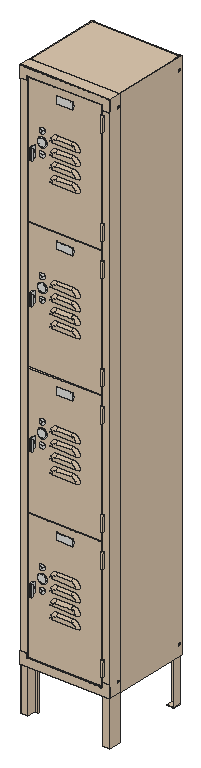
Revit family "Metal_Lockers-Salsbury_Industries-64000_Series-1_Wide_Units", category Specialty Equipment, Revit 2016 (continued)
Definition of nested family "Metal Locker Doors-12 inch with Latch Hasps"
  Forms (in)
    Blend 7, solid, material <- "Primary Structure Material", visible <- "Visible"
      top sketch origin (0.875, -0.6375, 1.527) x (1, 0, 0) y (0, 0, 1)
        loop
          line (0.12992, 8.1555) -> (-1.87992, 8.1555)
          arc (-1.87992, 8.1555) -> (-2.27766, 7.99075) -> (-2.44242, 7.593) r 0.5625
      from 0 to 0
    Blend 8, solid, material <- "Primary Structure Material", visible <- "Visible"
      base sketch origin (0.875, -0.45, 2.971) x (1, 0, 0) y (0, 0, 1)
        loop
          line (-2.875, 4.524) -> (1.125, 4.524)
          arc (1.125, 4.524) -> (0.83211, 5.23111) -> (0.125, 5.524) r 1
          line (0.125, 5.524) -> (-1.875, 5.524)
          arc (-1.875, 5.524) -> (-2.58211, 5.23111) -> (-2.875, 4.524) r 1
      top sketch origin (0.875, -0.6375, 2.971) x (1, 0, 0) y (0, 0, 1)
        loop
          line (-2.43346, 4.524) -> (0.68346, 4.524)
          arc (0.68346, 4.524) -> (0.52224, 4.91321) -> (0.13303, 5.07443) r 0.55043
          line (0.13303, 5.07443) -> (-1.88303, 5.07443)
          arc (-1.88303, 5.07443) -> (-2.27224, 4.91321) -> (-2.43346, 4.524) r 0.55043
      from 0 to 0
    Blend 9, solid, material <- "Primary Structure Material", visible <- "Visible"
      base sketch origin (0.875, -0.45, -1.723) x (1, 0, 0) y (0, 0, 1)
        loop
          line (-2.875, 7.593) -> (1.125, 7.593)
          arc (1.125, 7.593) -> (0.83211, 8.30011) -> (0.125, 8.593) r 1
          line (0.125, 8.593) -> (-1.875, 8.593)
          arc (-1.875, 8.593) -> (-2.58211, 8.30011) -> (-2.875, 7.593) r 1
      top sketch origin (0.875, -0.6375, -1.723) x (1, 0, 0) y (0, 0, 1)
        loop
          line (-2.44242, 7.593) -> (0.68342, 7.593)
          arc (0.68342, 7.593) -> (0.5213, 7.98438) -> (0.12992, 8.1465) r 0.5535
          line (0.12992, 8.1465) -> (-1.88892, 8.1465)
          arc (-1.88892, 8.1465) -> (-2.2803, 7.98438) -> (-2.44242, 7.593) r 0.5535
      from 0 to 0
    Blend 10, solid, material <- "Primary Structure Material", visible <- "Visible"
      base sketch origin (0.875, -0.45, -0.279) x (1, 0, 0) y (0, 0, 1)
        loop
          line (-2.875, 4.524) -> (1.125, 4.524)
          arc (1.125, 4.524) -> (0.83211, 5.23111) -> (0.125, 5.524) r 1
          line (0.125, 5.524) -> (-1.875, 5.524)
          arc (-1.875, 5.524) -> (-2.58211, 5.23111) -> (-2.875, 4.524) r 1
      top sketch origin (0.875, -0.6375, -0.279) x (1, 0, 0) y (0, 0, 1)
        loop
          line (-2.43234, 4.524) -> (0.68234, 4.524)
          arc (0.68234, 4.524) -> (0.52129, 4.9128) -> (0.13249, 5.07385) r 0.54985
          line (0.13249, 5.07385) -> (-1.88249, 5.07385)
          arc (-1.88249, 5.07385) -> (-2.27129, 4.9128) -> (-2.43234, 4.524) r 0.54985
      from 0 to 0
    Blend 11, solid, material <- "Hasp Plate Rivet Material", visible <- "Visible", detail levels medium+fine
      base sketch origin (0, -0.45, 0) x (1, 0, 0) y (0, 0, 1)
        loop
          circle (-3.076, 7.18) r 0.375
      top sketch origin (0, -0.45, 0) x (1, 0, 0) y (0, 0, 1)
        loop
          circle (-3.076, 7.18) r 0.09706
      from 0 to 0.03497
    Blend 12, solid, material <- "Hasp Plate Rivet Material", visible <- "Visible", detail levels medium+fine
      base sketch origin (0, -0.45, 2.83682) x (1, 0, 0) y (0, 0, 1)
        loop
          circle (-3.076, 7.18) r 0.375
      top sketch origin (0, -0.45, 2.83682) x (1, 0, 0) y (0, 0, 1)
        loop
          circle (-3.076, 7.18) r 0.09706
      from 0 to 0.03497
    Blend 13, solid, material <- "Hasp Plate Rivet Material", visible <- "Visible", detail levels medium+fine
      base sketch origin (0, -0.45, -0.16841) x (1, 0, 0) y (0, 0, 1)
        loop
          circle (-3.076, 8.76682) r 0.625
      top sketch origin (0, -0.45, -0.16841) x (1, 0, 0) y (0, 0, 1)
        loop
          circle (-3.076, 8.76682) r 0.58088
      from 0 to 0.03497
    Extrusion 14, solid, material <- "Hasp Plate Rivet Material", visible <- "Visible"
      sketch origin (0, 0, 6.461) x (0, -1, 0) y (1, 0, 0)
        loop
          line (-0.45, -4.07527) -> (-0.45, -4.13777) -> (1.2, -4.13777)
          arc (1.2, -4.13777) -> (1.24419, -4.11946) -> (1.2625, -4.07527) r 0.0625
          line (1.2625, -4.07527) -> (1.2625, -3.76277) -> (1.20579, -3.76277) -> (1.20579, -4.0127)
          arc (1.20579, -4.0127) -> (1.18746, -4.05694) -> (1.14322, -4.07527) r 0.06257
          line (1.14322, -4.07527) -> (-0.45, -4.07527)
      from 0 to 1.438
    Extrusion 15, solid, material <- "Hasp Plate Rivet Material", visible <- "Visible"
      sketch origin (0, 0, 6.461) x (0, -1, 0) y (1, 0, 0)
        loop
          line (-0.45, -4.20027) -> (1.2625, -4.20027) -> (1.2625, -4.13777) -> (-0.45, -4.13777) -> (-0.45, -4.20027)
      from 0 to 1.438
    Extrusion 16, void
      sketch origin (-4.013, 0, 0) x (0, 0, -1) y (0, -1, 0)
        loop
          circle (-7.18, 0.82219) r 0.375
      from 0 to 0.25
  Cuts and joins
    Extrusion 3, Extrusion 6 cuts Extrusion 1
    Extrusion 16 cuts Extrusion 14
    Extrusion 16 cuts Extrusion 15
  Lines and regions (in)
    symbolic lines
      curve 1: arc (-2, -0.45, 9.12) -> (-1.70711, -0.45, 9.82711) -> (-1, -0.45, 10.12) r 1
      curve 2: arc (2, -0.45, 9.12) -> (1.70711, -0.45, 9.82711) -> (1, -0.45, 10.12) r 1
      curve 3: arc (2, -0.45, 7.495) -> (1.70711, -0.45, 8.20211) -> (1, -0.45, 8.495) r 1
      curve 4: arc (-2, -0.45, 7.495) -> (-1.70711, -0.45, 8.20211) -> (-1, -0.45, 8.495) r 1
      curve 5: arc (2, -0.45, 5.87) -> (1.70711, -0.45, 6.57711) -> (1, -0.45, 6.87) r 1
      curve 6: arc (-2, -0.45, 5.87) -> (-1.70711, -0.45, 6.57711) -> (-1, -0.45, 6.87) r 1
      curve 7: arc (-2, -0.45, 4.245) -> (-1.70711, -0.45, 4.95211) -> (-1, -0.45, 5.245) r 1
      curve 8: arc (2, -0.45, 4.245) -> (1.70711, -0.45, 4.95211) -> (1, -0.45, 5.245) r 1
      curve 9: line (-2, -0.45, 4.245) -> (2, -0.45, 4.245)
      curve 10: line (1, -0.45, 5.245) -> (-1, -0.45, 5.245)
      curve 11: line (-2, -0.45, 5.87) -> (2, -0.45, 5.87)
      curve 12: line (1, -0.45, 6.87) -> (-1, -0.45, 6.87)
      curve 13: line (1, -0.45, 8.495) -> (-1, -0.45, 8.495)
      curve 14: line (-2, -0.45, 7.495) -> (2, -0.45, 7.495)
      curve 15: line (2, -0.45, 9.12) -> (-2, -0.45, 9.12)
      curve 16: line (1, -0.45, 10.12) -> (-1, -0.45, 10.12)
      curve 17: circle (-3.076, -0.45, 8.59841) r 0.625 normal (0, -1, 0)
      curve 18: circle (-3.076, -0.45, 10.01682) r 0.375 normal (0, -1, 0)
      curve 19: circle (-3.076, -0.45, 7.18) r 0.375 normal (0, -1, 0)
      curve 20: line (-4.263, -0.45, 7.899) -> (-3.76277, -0.45, 7.899)
      curve 21: line (-4.263, -0.45, 6.461) -> (-4.263, -0.45, 7.899)
      curve 22: line (-3.76277, -0.45, 6.461) -> (-4.263, -0.45, 6.461)
      curve 23: line (-3.76277, -0.45, 7.899) -> (-3.76277, -0.45, 6.461)
      curve 24: line (-4.20027, -0.44719, 6.461) -> (-4.20027, -1.2625, 6.461)
      curve 25: line (-4.20027, -1.2625, 6.461) -> (-3.76277, -1.2625, 6.461)
      curve 26: line (-3.76277, -1.2625, 6.461) -> (-3.76277, -1.20579, 6.461)
      curve 27: line (-3.76277, -1.20579, 6.461) -> (-4.0127, -1.20579, 6.461)
      curve 28: arc (-4.0127, -1.20579, 6.461) -> (-4.05694, -1.18746, 6.461) -> (-4.07527, -1.14322, 6.461) r 0.06257
      curve 29: line (-4.07527, -1.14322, 6.461) -> (-4.07527, -0.44719, 6.461)
      curve 30: line (-1.56742, -0.6375, 6.461) -> (-2, -0.45, 6.461)
      curve 31: line (1.55734, -0.6375, 6.461) -> (2.0161, -0.43865, 6.461)
      curve 32: line (1.55734, -0.6375, 6.461) -> (-1.56742, -0.6375, 6.461)
  Dimensions and locks (in)
    equal spacing: plane 5 "Top of Door", plane 4 "Center (Top/Bottom)", plane 2 "Bottom of Door"
    "Height": plane 5 "Top of Door" to plane 2 "Bottom of Door"
    equal spacing: plane 8 "Front of Door", plane 1 "Center (Front/Back)", plane 9 "Back of Door"
    "Depth": plane 8 "Front of Door" to plane 9 "Back of Door"
    equal spacing: plane 7 "Left Side of Door", plane 3 "Center (Left/Right)", plane 6 "Right Side of Door"
    "Width": plane 7 "Left Side of Door" to plane 6 "Right Side of Door"
    "Number Plate Alignment": plane 5 "Top of Door" to plane 10 "Top of Number Plate" to plane 22
    equal spacing: plane 17 "Left Side of Louvers", plane 3 "Center (Left/Right)", plane 18 "Right Side of Louvers"
    "Louver Width": plane 17 "Left Side of Louvers" to plane 18 "Right Side of Louvers"
    "Louver Set Vertical Alignment": plane 5 "Top of Door" to plane 11 "Top of Top Vent 1"
    plane 11 "Top of Top Vent 1" to plane 12 "Top of Top Vent 2" to plane 13 "Top of Top Vent 3" to plane 14 "Top of Top Vent 4" = 1.625", 1.625", 1.625"
    plane 29 "Top Hasp Stud Align" to plane 28 "Center Hasp Stud Align" to plane 15 "Top of Hasp Alignment" to plane 4 "Center (Top/Bottom)" to plane 16 "Bottom of Hasp Alignment" = 1.41841", 0.69941", 0.719", 0.719"
    "Hasp Height": plane 15 "Top of Hasp Alignment" to plane 16 "Bottom of Hasp Alignment"
    locked: plane 19 "Front of Louvers" to plane 8 "Front of Door" at 0.1875
    plane 20 to plane 3 "Center (Left/Right)" to plane 21 = 1.094" locked, 1.094" locked
    "Hinge 1 Placement": plane 5 "Top of Door" to plane 25 "Top of Hinge 1"
    "Hinge 2 Placement": plane 5 "Top of Door" to plane 24 "Top of Hinge 2"
    plane 7 "Left Side of Door" to plane 26 "Left Hasp Hole Align" to plane 27 "Right Hasp Hole Align" to plane 30 "Vertical Hasp Stud Align" = 0.6875" locked, 0.250" locked, 0.937" locked
    plane 11 "Top of Top Vent 1" to plane 31 = 1.000"
    plane 12 "Top of Top Vent 2" to plane 32 = 1.000"
    plane 13 "Top of Top Vent 3" to plane 33 = 1.000"
    plane 14 "Top of Top Vent 4" to plane 34 = 1.000"
    aligned and locked: level to plane 2 "Bottom of Door"
    aligned and locked: plane 5 "Top of Door" to Extrusion 1 sketch curve
    aligned and locked: Extrusion 1 sketch curve to plane 7 "Left Side of Door"
    aligned and locked: plane 2 "Bottom of Door" to Extrusion 1 sketch curve
    aligned and locked: plane 6 "Right Side of Door" to Extrusion 1 sketch curve
    aligned and locked: plane 15 "Top of Hasp Alignment" to Extrusion 6 sketch curve
    aligned and locked: Extrusion 6 sketch curve to plane 26 "Left Hasp Hole Align"
    aligned and locked: Extrusion 6 sketch curve to plane 16 "Bottom of Hasp Alignment"
    aligned and locked: plane 27 "Right Hasp Hole Align" to Extrusion 6 sketch curve
    aligned and locked: plane 11 "Top of Top Vent 1" to Blend 7
    aligned and locked: plane 12 "Top of Top Vent 2" to Blend 8
    aligned and locked: plane 13 "Top of Top Vent 3" to Blend 9
    aligned and locked: plane 14 "Top of Top Vent 4" to Blend 10
    aligned and locked: plane 31 to Blend 7
    aligned and locked: Blend 7 sketch curve to plane 11 "Top of Top Vent 1"
    aligned and locked: plane 31 to Blend 7 sketch curve  (x2)
    aligned and locked: Blend 8 sketch curve to plane 12 "Top of Top Vent 2"
    aligned and locked: plane 32 to Blend 8 sketch curve  (x2)
    aligned and locked: Blend 9 sketch curve to plane 13 "Top of Top Vent 3"
    aligned and locked: plane 33 to Blend 9 sketch curve  (x2)
    aligned and locked: Blend 10 sketch curve to plane 14 "Top of Top Vent 4"
    aligned and locked: plane 34 to Blend 10 sketch curve  (x2)
    aligned and locked: plane 29 "Top Hasp Stud Align" to Blend 12 sketch curve  (x2)
    aligned and locked: plane 4 "Center (Top/Bottom)" to Blend 11 sketch curve  (x2)
    aligned and locked: plane 28 "Center Hasp Stud Align" to Blend 13 sketch curve  (x2)
    aligned and locked: plane 35 "Vertical Center Hasp Align" to Extrusion 15 sketch curve
    aligned and locked: plane 35 "Vertical Center Hasp Align" to Extrusion 14 sketch curve
    aligned and locked: plane 4 "Center (Top/Bottom)" to Extrusion 16 sketch curve
    aligned and locked: curve 1 to Blend 7  (x2)
    aligned and locked: Blend 7 to curve 2  (x2)
    aligned and locked: curve 3 to Blend 8
    aligned and locked: Blend 8 to curve 3
    aligned and locked: curve 4 to Blend 8
    aligned and locked: curve 5 to Blend 9
    aligned and locked: Blend 9 to curve 5
    aligned and locked: Blend 9 to curve 6
    aligned and locked: curve 6 to Blend 9
    aligned and locked: curve 7 to Blend 10
    aligned and locked: curve 8 to Blend 10
    aligned and locked: curve 9 to Blend 10
    aligned and locked: curve 10 to Blend 10
    aligned and locked: curve 14 to Blend 8
    aligned and locked: curve 20 to cut or joined group of Extrusion 1, Extrusion 3, Extrusion 6
    aligned and locked: curve 21 to cut or joined group of Extrusion 1, Extrusion 3, Extrusion 6
    aligned and locked: curve 22 to cut or joined group of Extrusion 14, Extrusion 16
    aligned and locked: curve 23 to cut or joined group of Extrusion 14, Extrusion 16
    aligned and locked: curve 24 to cut or joined group of Extrusion 15, Extrusion 16
    aligned and locked: curve 25 to cut or joined group of Extrusion 15, Extrusion 16
    aligned and locked: curve 26 to cut or joined group of Extrusion 14, Extrusion 16
    aligned and locked: curve 27 to cut or joined group of Extrusion 14, Extrusion 16
    aligned and locked: curve 28 to cut or joined group of Extrusion 14, Extrusion 16
  Automatic sketch dimensions
    Extrusion 2 sketch curve to plane 3 "Center (Left/Right)" = 0.000"  (x2)
    plane 17 "Left Side of Louvers" to Extrusion 2 sketch curve = 0.14094"
    Extrusion 2 sketch curve to plane 18 "Right Side of Louvers" = 0.14094"
    Extrusion 2 sketch curve to level = 4.03954"
    plane 25 "Top of Hinge 1" to Extrusion 2 sketch curve = 0.31079"  (x2)
    Extrusion 2 sketch curve to plane 5 "Top of Door" = 12.81272"
    Extrusion 2 sketch curve to plane 20 = 0.02553"  (x2)
    plane 21 to Extrusion 2 sketch curve = 0.02553"
    Extrusion 2 sketch curve to plane 22 = 0.03897"
    plane 13 "Top of Top Vent 3" to Extrusion 3 sketch curve = 0.06135"
    Extrusion 3 sketch curve to plane 1 "Center (Front/Back)" = 0.0313"
    Extrusion 4 sketch curve to plane 6 "Right Side of Door" = 0.000"
    plane 8 "Front of Door" to Extrusion 4 sketch curve = 0.000"
    Extrusion 4 sketch curve to plane 19 "Front of Louvers" = 0.0625"
    Extrusion 4 sketch curve to plane 6 "Right Side of Door" = 0.125"
    Extrusion 5 sketch curve to plane 6 "Right Side of Door" = 0.000"
    plane 8 "Front of Door" to Extrusion 5 sketch curve = 0.000"
    Extrusion 5 sketch curve to plane 19 "Front of Louvers" = 0.0625"
    Extrusion 5 sketch curve to plane 6 "Right Side of Door" = 0.125"
    plane 17 "Left Side of Louvers" to Blend 7 sketch curve = 0.000"
    plane 18 "Right Side of Louvers" to Blend 7 sketch curve = 0.000"
    Blend 7 sketch curve to plane 23 "Center Hasp" = 0.20808"
    Blend 7 sketch curve to plane 20 = 0.08908"
    plane 21 to Blend 7 sketch curve = 0.08908"
    plane 17 "Left Side of Louvers" to Blend 8 sketch curve = 0.000"
    plane 18 "Right Side of Louvers" to Blend 8 sketch curve = 0.000"
    Blend 8 sketch curve to plane 23 "Center Hasp" = 0.21704"
    Blend 8 sketch curve to plane 20 = 0.08597"
    plane 21 to Blend 8 sketch curve = 0.08597"
    plane 17 "Left Side of Louvers" to Blend 9 sketch curve = 0.000"
    plane 18 "Right Side of Louvers" to Blend 9 sketch curve = 0.000"
    Blend 9 sketch curve to plane 23 "Center Hasp" = 0.20808"
    plane 16 "Bottom of Hasp Alignment" to Blend 9 sketch curve = 0.0375"
    plane 21 to Blend 9 sketch curve = 0.08908"
    plane 17 "Left Side of Louvers" to Blend 10 sketch curve = 0.000"
    plane 18 "Right Side of Louvers" to Blend 10 sketch curve = 0.000"
    Blend 10 sketch curve to plane 23 "Center Hasp" = 0.21816"
    Blend 10 sketch curve to plane 20 = 0.08651"
    plane 21 to Blend 10 sketch curve = 0.08651"
    plane 30 "Vertical Hasp Stud Align" to Blend 11 sketch curve = 0.000"  (x2)
    plane 30 "Vertical Hasp Stud Align" to Blend 12 sketch curve = 0.000"  (x2)
    plane 30 "Vertical Hasp Stud Align" to Blend 13 sketch curve = 0.000"  (x2)
    Extrusion 14 sketch curve to plane 1 "Center (Front/Back)" = 0.450"
    plane 27 "Right Hasp Hole Align" to Extrusion 14 sketch curve = 0.06227"
    Extrusion 14 sketch curve to plane 27 "Right Hasp Hole Align" = 0.0003"
    plane 19 "Front of Louvers" to Extrusion 14 sketch curve = 0.50572"
    Extrusion 14 sketch curve to Extrusion 14 sketch curve = 0.05678"
    Extrusion 14 sketch curve to Extrusion 14 sketch curve = 0.24993"
    plane 9 "Back of Door" to Extrusion 15 sketch curve = 0.000"
    plane 19 "Front of Louvers" to Extrusion 15 sketch curve = 0.625"
    Extrusion 15 sketch curve to plane 26 "Left Hasp Hole Align" = 0.06273"
    Extrusion 14 sketch curve to Extrusion 14 sketch curve = 0.06257"
    plane 19 "Front of Louvers" to Extrusion 16 sketch curve = 0.18469"
    curve 19 to plane 4 "Center (Top/Bottom)" = 0.000"
    plane 30 "Vertical Hasp Stud Align" to curve 19 = 0.000"
    curve 17 to plane 28 "Center Hasp Stud Align" = 0.000"
    plane 30 "Vertical Hasp Stud Align" to curve 17 = 0.000"
    curve 18 to plane 29 "Top Hasp Stud Align" = 0.000"
    plane 30 "Vertical Hasp Stud Align" to curve 18 = 0.000"
    plane 17 "Left Side of Louvers" to curve 11 = 0.000"
    plane 17 "Left Side of Louvers" to curve 4 = 0.000"
    plane 17 "Left Side of Louvers" to curve 9 = 0.000"
    plane 17 "Left Side of Louvers" to curve 15 = 0.000"
    plane 18 "Right Side of Louvers" to curve 8 = 0.000"
    plane 18 "Right Side of Louvers" to curve 3 = 0.000"
    plane 18 "Right Side of Louvers" to curve 15 = 0.000"
    plane 18 "Right Side of Louvers" to curve 11 = 0.000"
    plane 8 "Front of Door" to curve 30 = 0.000"
    plane 19 "Front of Louvers" to curve 30 = 0.000"
    curve 30 to plane 17 "Left Side of Louvers" = 0.000"
    curve 29 to curve 27 = 0.06257"
    curve 24 to plane 8 "Front of Door" = 0.00281"
    curve 29 to plane 8 "Front of Door" = 0.00281"
    curve 31 to plane 8 "Front of Door" = 0.01135"
    curve 30 to plane 23 "Center Hasp" = 0.20808"
    plane 18 "Right Side of Louvers" to curve 32 = 0.44266"
    curve 31 to plane 18 "Right Side of Louvers" = 0.0161"
    radius of Extrusion 3 sketch curve = 0.200"
    radius of Blend 11 sketch curve = 0.375"
    radius of Blend 11 sketch curve = 0.09706"
    radius of Blend 12 sketch curve = 0.375"
    radius of Blend 12 sketch curve = 0.09706"
    radius of Blend 13 sketch curve = 0.625"
    radius of Blend 13 sketch curve = 0.58088"
    radius of Extrusion 16 sketch curve = 0.375"
    radius of curve 17 = 0.625"
    radius of curve 18 = 0.375"
    radius of curve 19 = 0.375"
Definition of nested family "Metal Locker Front Base"
  Parameters (values of type "77742 - for 12" W Lockers with Legs")
    Width = 10.040"
    Visible [instance] = yes
    Version = "1.0 (11/30/15)"
    Type Comments = "Front Base for Standard Metal Lockers"
    Primary Structure Material = none
    Model = "77742"
    MasterFormat Title = ""
    MasterFormat Number = ""
    Manufacturer = "Salsbury Industries"
    Description = "Front Base for 12\" Wide Lockers"
    Depth = 1.185"
    Height = 6.000"
    Assembly Code = ""
  Types (3): name | Width | Visible | Model | Description
    77742 - for 12" W Lockers with Legs | 10.040" | yes | "77742" | "Front Base for 12\" Wide Lockers"
    77745 - for 15" W Lockers with Legs | 13.040" | yes | "77745" | "Front Base for 15\" Wide Lockers"
    None | 10.040" | no | "77742" | "Front Base for 12\" Wide Lockers"
  Reference planes (in)
    plane 1 "Center (Front/Back)": y = -5.417
    plane 2: z = 0
    plane 3 "Center (Left/Right)": x = 0
    plane 4 "Floor": z = 0
    plane 5 "Top of Enclosure": z = 6
    plane 6 "Front of Enclosure": y = -6.005
    plane 7 "Right Side of Enclosure": x = 5.02
    plane 8 "Left Side of Enclosure": x = -5.02
    plane 9 "Back of Enclosure": y = -4.82
  Forms (in)
    Extrusion 1, solid, material <- "Primary Structure Material", visible <- "Visible"
      sketch origin (0, -6.005, 0) x (1, 0, 0) y (0, 0, 1)
        loop
          line (-5.02, 6) -> (-5.02, 0) -> (5.02, 0) -> (5.02, 6) -> (-5.02, 6)
      from -0.06 to 0
    Extrusion 2, solid, material <- "Primary Structure Material", visible <- "Visible"
      sketch origin (0, 0, 0) x (0, 1, 0) y (0, 0, 1)
        loop
          line (-5.945, 6) -> (-5.945, 5.94) -> (-4.82, 5.94) -> (-4.82, 6) -> (-5.945, 6)
      from -5.02 to 5.02
    Extrusion 3, solid, material <- "Primary Structure Material", visible <- "Visible"
      sketch origin (5.02, 0, 0) x (0, 0, -1) y (0, -1, 0)
        loop
          line (-5.75, 5.945) -> (-5.75, 4.82) -> (-0.25, 4.82) -> (-0.25, 5.945) -> (-5.75, 5.945)
      from 0 to 0.06
    Extrusion 4, solid, material <- "Primary Structure Material", visible <- "Visible"
      sketch origin (-5.02, 0, 0) x (0, 0, -1) y (0, -1, 0)
        loop
          line (-5.75, 5.945) -> (-5.75, 4.82) -> (-0.25, 4.82) -> (-0.25, 5.945) -> (-5.75, 5.945)
      from 0 to -0.06
  Dimensions and locks (in)
    "Height": plane 5 "Top of Enclosure" to plane 4 "Floor"
    plane 6 "Front of Enclosure" to plane 1 "Center (Front/Back)" = 0.588"
    "Depth": plane 6 "Front of Enclosure" to plane 9 "Back of Enclosure"
    equal spacing: plane 8 "Left Side of Enclosure", plane 3 "Center (Left/Right)", plane 7 "Right Side of Enclosure"
    "Width": plane 8 "Left Side of Enclosure" to plane 7 "Right Side of Enclosure"
    aligned and locked: level to plane 2
    aligned and locked: plane 8 "Left Side of Enclosure" to Extrusion 2
    aligned and locked: Extrusion 2 to plane 7 "Right Side of Enclosure"
    aligned and locked: Extrusion 1 to plane 7 "Right Side of Enclosure"
  Automatic sketch dimensions
    Extrusion 1 sketch curve to Extrusion 1 sketch curve = 10.040"
    Extrusion 1 sketch curve to Extrusion 1 sketch curve = 6.000"
    Extrusion 2 sketch curve to Extrusion 2 sketch curve = 1.125"
    Extrusion 2 sketch curve to Extrusion 2 sketch curve = 0.060"
    Extrusion 3 sketch curve to Extrusion 3 sketch curve = 5.500"
    Extrusion 3 sketch curve to Extrusion 3 sketch curve = 1.125"
    Extrusion 4 sketch curve to Extrusion 4 sketch curve = 5.500"
    Extrusion 4 sketch curve to Extrusion 4 sketch curve = 1.125"
    Extrusion 1 sketch curve to level = 0.000"
    plane 8 "Left Side of Enclosure" to Extrusion 1 sketch curve = 0.000"
    plane 5 "Top of Enclosure" to Extrusion 2 sketch curve = 0.000"
    Extrusion 2 sketch curve to plane 9 "Back of Enclosure" = 0.000"
    Extrusion 3 sketch curve to plane 9 "Back of Enclosure" = 0.000"
    plane 5 "Top of Enclosure" to Extrusion 3 sketch curve = 0.250"
    Extrusion 4 sketch curve to plane 9 "Back of Enclosure" = 0.000"
    plane 5 "Top of Enclosure" to Extrusion 4 sketch curve = 0.250"
Definition of nested family "Metal Locker Right Side Base"
  Parameters (values of type "77732 Right - for 12" D Lockers with Legs")
    Width including Rivet [instance] = 1.290"
    Visible = yes
    Primary Structure Material = none
    Depth = 10.422"
    Version = "1.0 (11/30/15)"
    Type Comments = "End Base for Standard Metal Lockers"
    Model = "77732"
    MasterFormat Title = ""
    MasterFormat Number = ""
    Manufacturer = "Salsbury Industries"
    Description = "1.25\"W x 6\" H x 10\"D"
    Width = 1.250"
    Height = 6.000"
    Assembly Code = ""
  Types (4): name | Visible | Depth | Model | Description
    77732 Right - for 12" D Lockers with Legs | yes | 10.422" | "77732" | "1.25\"W x 6\" H x 10\"D"
    77735 Right - for 15" D Lockers with Legs | yes | 13.422" | "77735" | "1.25\"W x 6\" H x 13\"D"
    77738 Right - for 18" D Lockers with Legs | yes | 16.422" | "77738" | "1.25\"W x 6\" H x 16\"D"
    None | no | 10.422" | "" | ""
  Reference planes (in)
    plane 1 "Center (Front/Back)": y = 0
    plane 2: z = 0
    plane 3 "Center (Left/Right)": x = 5.395
    plane 4 "Floor": z = 0
    plane 5 "Top of Enclosure": z = 6
    plane 6 "Left Side of Unit": x = 4.77
    plane 7 "Right Side of Unit": x = 6.02
    plane 8 "Left Edge of Enclosure": y = -5.211
    plane 9 "Right Edge of Enclosure": y = 5.211
    plane 10 "Left Edge of Insert": y = -6.27647
    plane 11 "Right Edge of Insert": y = -5.15147
    plane 12 "Rivet Edge": x = 6.06
  Forms (in)
    Extrusion 1, solid, material <- "Primary Structure Material", visible <- "Visible"
      sketch origin (6.02, 0, 0) x (0, 0, -1) y (0, -1, 0)
        loop
          line (-6, 5.211) -> (-6, -5.211) -> (0, -5.211) -> (0, 5.211) -> (-6, 5.211)
      from 0 to 0.06
    Extrusion 2, solid, material <- "Primary Structure Material", visible <- "Visible"
      sketch origin (0, 0, 6) x (0, -1, 0) y (1, 0, 0)
        loop
          line (5.15147, 5.96) -> (5.15147, 5.9) -> (6.27647, 5.9) -> (6.27647, 5.96) -> (5.15147, 5.96)
      from -6 to 0
    Extrusion 3, solid, material <- "Primary Structure Material", visible <- "Visible"
      sketch origin (6.02, 0, 0) x (0, 0, -1) y (0, -1, 0)
        loop
          line (-6, 4.90147) -> (-6, -3.961) -> (-5.94, -3.961) -> (-5.94, 4.90147) -> (-6, 4.90147)
      from 0.06 to 1.25
    Extrusion 4, solid, material <- "Primary Structure Material", visible <- "Visible"
      sketch origin (6.02, 0, -5.94) x (0, 0, -1) y (0, -1, 0)
        loop
          line (-6, 4.90147) -> (-6, -3.961) -> (-5.94, -3.961) -> (-5.94, 4.90147) -> (-6, 4.90147)
      from 0.06 to 1.25
  Dimensions and locks (in)
    "Height": plane 5 "Top of Enclosure" to plane 4 "Floor"
    plane 10 "Left Edge of Insert" to plane 8 "Left Edge of Enclosure" to plane 11 "Right Edge of Insert" = 1.06547" locked, 0.05953" locked
    equal spacing: plane 8 "Left Edge of Enclosure", plane 1 "Center (Front/Back)", plane 9 "Right Edge of Enclosure"
    "Depth": plane 8 "Left Edge of Enclosure" to plane 9 "Right Edge of Enclosure"
    equal spacing: plane 6 "Left Side of Unit", plane 3 "Center (Left/Right)", plane 7 "Right Side of Unit"
    "Width": plane 6 "Left Side of Unit" to plane 7 "Right Side of Unit"
    locked: plane 7 "Right Side of Unit" to plane 12 "Rivet Edge" at 0.04
    "Width including Rivet": plane 6 "Left Side of Unit" to plane 12 "Rivet Edge"
    aligned and locked: level to plane 2
    aligned and locked: plane 11 "Right Edge of Insert" to Extrusion 2
    aligned and locked: plane 10 "Left Edge of Insert" to Extrusion 2
    aligned and locked: Extrusion 3 to Extrusion 1
    aligned and locked: plane 6 "Left Side of Unit" to Extrusion 3
  Automatic sketch dimensions
    plane 5 "Top of Enclosure" to Extrusion 1 sketch curve = 0.000"
    Extrusion 1 sketch curve to level = 0.000"
    Extrusion 2 sketch curve to plane 8 "Left Edge of Enclosure" = 0.05953"
    plane 7 "Right Side of Unit" to Extrusion 2 sketch curve = 0.120"
    Extrusion 2 sketch curve to Extrusion 2 sketch curve = 0.060"
    Extrusion 1 sketch curve to plane 8 "Left Edge of Enclosure" = 0.000"
    Extrusion 1 sketch curve to plane 9 "Right Edge of Enclosure" = 0.000"
    plane 10 "Left Edge of Insert" to Extrusion 2 sketch curve = 0.000"
    plane 5 "Top of Enclosure" to Extrusion 3 sketch curve = 0.000"
    Extrusion 3 sketch curve to Extrusion 3 sketch curve = 0.060"
    plane 9 "Right Edge of Enclosure" to Extrusion 3 sketch curve = 1.250"
    Extrusion 3 sketch curve to plane 11 "Right Edge of Insert" = 0.250"
    Extrusion 4 sketch curve to level = 0.000"
    level to Extrusion 4 sketch curve = 0.060"
    plane 9 "Right Edge of Enclosure" to Extrusion 4 sketch curve = 1.250"
    Extrusion 4 sketch curve to plane 11 "Right Edge of Insert" = 0.250"
Definition of nested family "Metal Locker Left Side Base"
  Parameters (values of type "77732 Left - for 12" D Lockers with Legs")
    Width including Rivet [instance] = 1.290"
    Visible = yes
    Primary Structure Material = none
    Depth = 10.422"
    Version = "1.0 (11/30/15)"
    Type Comments = "End Base for Standard Metal Lockers"
    Model = "77732"
    MasterFormat Title = ""
    MasterFormat Number = ""
    Manufacturer = "Salsbury Industries"
    Description = "1.25\"W x 6\" H x 10\"D"
    Width = 1.250"
    Height = 6.000"
    Assembly Code = ""
  Types (4): name | Visible | Depth | Model | Description
    77732 Left - for 12" D Lockers with Legs | yes | 10.422" | "77732" | "1.25\"W x 6\" H x 10\"D"
    77735 Left - for 15" D Lockers with Legs | yes | 13.422" | "77735" | "1.25\"W x 6\" H x 13\"D"
    77738 Left - for 18" D Lockers with Legs | yes | 16.422" | "77738" | "1.25\"W x 6\" H x 16\"D"
    None | no | 10.422" | "" | ""
  Reference planes (in)
    plane 1 "Center (Front/Back)": y = 0
    plane 2: z = 0
    plane 3 "Center (Left/Right)": x = 5.395
    plane 4 "Floor": z = 0
    plane 5 "Top of Enclosure": z = 6
    plane 6 "Left Side of Unit": x = 4.77
    plane 7 "Right Side of Unit": x = 6.02
    plane 8 "Left Edge of Enclosure": y = -5.211
    plane 9 "Right Edge of Enclosure": y = 5.211
    plane 10 "Left Edge of Insert": y = -6.27647
    plane 11 "Right Edge of Insert": y = -5.15147
    plane 12 "Edge of Rivet": x = 4.73
  Forms (in)
    Extrusion 1, solid, material <- "Primary Structure Material", visible <- "Visible"
      sketch origin (6.02, 0, 0) x (0, 0, -1) y (0, -1, 0)
        loop
          line (-6, 4.90147) -> (-6, -3.961) -> (-5.94, -3.961) -> (-5.94, 4.90147) -> (-6, 4.90147)
      from 0 to 1.19
    Extrusion 2, solid, material <- "Primary Structure Material", visible <- "Visible"
      sketch origin (6.02, 0, -5.94) x (0, 0, -1) y (0, -1, 0)
        loop
          line (-6, 4.90147) -> (-6, -3.961) -> (-5.94, -3.961) -> (-5.94, 4.90147) -> (-6, 4.90147)
      from 0 to 1.19
    Extrusion 3, solid, material <- "Primary Structure Material", visible <- "Visible"
      sketch origin (4.77, 0, 0) x (0, 0, -1) y (0, 1, 0)
        loop
          line (-6, -5.211) -> (0, -5.211) -> (0, 5.211) -> (-6, 5.211) -> (-6, -5.211)
      from 0 to 0.06
    Extrusion 4, solid, material <- "Primary Structure Material", visible <- "Visible"
      sketch origin (10.79, 0, 6) x (0, -1, 0) y (1, 0, 0)
        loop
          line (5.15147, -5.96) -> (6.27647, -5.96) -> (6.27647, -5.9) -> (5.15147, -5.9) -> (5.15147, -5.96)
      from -6 to 0
  Dimensions and locks (in)
    "Height": plane 5 "Top of Enclosure" to plane 4 "Floor"
    plane 10 "Left Edge of Insert" to plane 8 "Left Edge of Enclosure" to plane 11 "Right Edge of Insert" = 1.06547" locked, 0.05953" locked
    equal spacing: plane 8 "Left Edge of Enclosure", plane 1 "Center (Front/Back)", plane 9 "Right Edge of Enclosure"
    "Depth": plane 8 "Left Edge of Enclosure" to plane 9 "Right Edge of Enclosure"
    equal spacing: plane 6 "Left Side of Unit", plane 3 "Center (Left/Right)", plane 7 "Right Side of Unit"
    "Width": plane 6 "Left Side of Unit" to plane 7 "Right Side of Unit"
    "Width including Rivet": plane 12 "Edge of Rivet" to plane 7 "Right Side of Unit"
    plane 12 "Edge of Rivet" to plane 6 "Left Side of Unit" = 0.040"
    aligned and locked: level to plane 2
    aligned and locked: Extrusion 1 to Extrusion 3
    aligned and locked: Extrusion 2 to Extrusion 3
  Automatic sketch dimensions
    plane 5 "Top of Enclosure" to Extrusion 1 sketch curve = 0.000"
    Extrusion 1 sketch curve to Extrusion 1 sketch curve = 0.060"
    plane 9 "Right Edge of Enclosure" to Extrusion 1 sketch curve = 1.250"
    Extrusion 1 sketch curve to plane 11 "Right Edge of Insert" = 0.250"
    Extrusion 2 sketch curve to level = 0.000"
    level to Extrusion 2 sketch curve = 0.060"
    plane 9 "Right Edge of Enclosure" to Extrusion 2 sketch curve = 1.250"
    Extrusion 2 sketch curve to plane 11 "Right Edge of Insert" = 0.250"
    plane 5 "Top of Enclosure" to Extrusion 3 sketch curve = 0.000"
    Extrusion 3 sketch curve to level = 0.000"
    Extrusion 3 sketch curve to plane 8 "Left Edge of Enclosure" = 0.000"
    Extrusion 3 sketch curve to plane 9 "Right Edge of Enclosure" = 0.000"
    plane 11 "Right Edge of Insert" to Extrusion 4 sketch curve = 0.000"
    plane 10 "Left Edge of Insert" to Extrusion 4 sketch curve = 0.000"
    plane 6 "Left Side of Unit" to Extrusion 4 sketch curve = 0.120"
    Extrusion 4 sketch curve to Extrusion 4 sketch curve = 0.060"
Definition of nested family "Metal Locker Zee Base"
  Parameters (values of type "77578 - 12"W x 18" D (Bridge)")
    Width = 12.007"
    Visible = yes
    Version = "1.0 (11/30/15)"
    Type Comments = "Zee Base Kit for Standard Metal Lockers - No Legs"
    Primary Structure Material = none
    Model = "77578"
    MasterFormat Title = ""
    MasterFormat Number = ""
    Manufacturer = "Salsbury Industries"
    Description = "4\" H x 6' L - for 12\" Deep Lockers (Includes 6 Foot Front Base, 2 End Bases, Corner Splicer and 4 Rear Legs)"
    Depth = 18.010"
    Height = 4.000"
    Assembly Code = ""
  Types (7): name | Width | Visible | Model | Depth
    77572- 12" W x 12" D | 12.040" | yes | "77572" | 12.010"
    77575 - 12" W x 15" D | 12.040" | yes | "77575" | 15.010"
    77578 - 12"W x 18"D | 12.040" | yes | "77578" | 18.010"
    77575 - 15"W x 15"D | 15.040" | yes | "77575" | 15.010"
    77578 - 15"W x 18"D | 15.040" | yes | "77578" | 18.010"
    None | 12.040" | no | "77572" | 12.010"
    77578 - 12"W x 18" D (Bridge) | 12.007" | yes | "77578" | 18.010"
  Reference planes (in)
    plane 1 "Center (Front/Back)": y = 0
    plane 2: z = 0
    plane 3 "Center (Left/Right)": x = 0
    plane 4 "Floor": z = 0
    plane 5 "Bottom of Unit": z = 4
    plane 6 "Left Side of Unit": x = -6.0035
    plane 7 "Right Side of Unit": x = 6.0035
    plane 8 "Back of Unit": y = 9.005
    plane 9 "Front of Unit": y = -9.005
    plane 10 "Right Side of Door Opening": x = 5.0035
    plane 11 "Left Side of Door Opening": x = -5.0035
    plane 12 "Top of back legs": z = 4.185
    plane 13 "Back Edge of Front Facing": y = -7.417
    plane 14 "Inside Edge of Front Leg": x = -4.5635
    plane 15 "Inside Edge of Right Leg": x = 4.5635
    plane 16: y = -7.82
    plane 17 "Back Edge of Rear Legs": y = 8.895
    plane 18 "Right Edge of Rear Right Leg": x = 5.8835
    plane 19 "Left Edge or Rear Left Leg": x = -5.8835
    plane 20: y = 7.895
    plane 21 "Inside Edge or Rear Right Leg": x = 4.8835
    plane 22 "Inside Edge or Left Rear Leg": x = -4.8835
  Forms (in)
    Extrusion 1, solid, material <- "Primary Structure Material", visible <- "Visible"
      sketch origin (0, 0, 0) x (0, -1, 0) y (1, 0, 0)
        loop
          line (-8.895, 5.8835) -> (-8.895, 4.8835) -> (-8.835, 4.8835) -> (-8.835, 5.8235) -> (-7.895, 5.8235) -> (-7.895, 5.8835) -> (-8.895, 5.8835)
      from 0.06 to 4.185
    Extrusion 2, solid, material <- "Primary Structure Material", visible <- "Visible"
      sketch origin (0, 0, 0) x (0, -1, 0) y (1, 0, 0)
        loop
          line (-8.895, 5.8835) -> (-8.895, 4.8835) -> (-7.895, 4.8835) -> (-7.895, 5.8835) -> (-8.895, 5.8835)
      from 0 to 0.06
    Extrusion 3, solid, material <- "Primary Structure Material", visible <- "Visible"
      sketch origin (0, 0, 0) x (0, -1, 0) y (1, 0, 0)
        loop
          line (-8.895, -5.8835) -> (-7.895, -5.8835) -> (-7.895, -5.8235) -> (-8.835, -5.8235) -> (-8.835, -4.8835) -> (-8.895, -4.8835) -> (-8.895, -5.8835)
      from 0.06 to 4.185
    Extrusion 4, solid, material <- "Primary Structure Material", visible <- "Visible"
      sketch origin (0, 0, 0) x (0, -1, 0) y (1, 0, 0)
        loop
          line (-8.895, -5.8835) -> (-7.895, -5.8835) -> (-7.895, -4.8835) -> (-8.895, -4.8835) -> (-8.895, -5.8835)
      from 0 to 0.06
    Extrusion 5, solid, material <- "Primary Structure Material", visible <- "Visible"
      sketch origin (0, 0, 0) x (0, 1, 0) y (0, 0, 1)
        loop
          line (-9.005, 4) -> (-9.005, 3.94) -> (-7.417, 3.94) -> (-7.417, 0) -> (-5.769, 0) -> (-5.769, 0.06) -> (-7.357, 0.06) -> (-7.357, 4) -> (-9.005, 4)
      from -6.0035 to 6.0035
  Dimensions and locks (in)
    equal spacing: plane 6 "Left Side of Unit", plane 3 "Center (Left/Right)", plane 7 "Right Side of Unit"
    "Width": plane 6 "Left Side of Unit" to plane 7 "Right Side of Unit"
    "Height": plane 5 "Bottom of Unit" to plane 4 "Floor"
    equal spacing: plane 9 "Front of Unit", plane 1 "Center (Front/Back)", plane 8 "Back of Unit"
    "Depth": plane 9 "Front of Unit" to plane 8 "Back of Unit"
    plane 12 "Top of back legs" to plane 5 "Bottom of Unit" = 0.185"
    plane 6 "Left Side of Unit" to plane 11 "Left Side of Door Opening" = 1.000"
    plane 10 "Right Side of Door Opening" to plane 7 "Right Side of Unit" = 1.000"
    locked: plane 9 "Front of Unit" to plane 13 "Back Edge of Front Facing" at 1.588
    plane 11 "Left Side of Door Opening" to plane 14 "Inside Edge of Front Leg" = 0.440"
    plane 15 "Inside Edge of Right Leg" to plane 10 "Right Side of Door Opening" = 0.440"
    plane 9 "Front of Unit" to plane 16 = 1.185"
    plane 15 "Inside Edge of Right Leg" to plane 21 "Inside Edge or Rear Right Leg" to plane 10 "Right Side of Door Opening" to plane 18 "Right Edge of Rear Right Leg" to plane 7 "Right Side of Unit" = 0.320", 0.120", 0.880", 0.120"
    plane 6 "Left Side of Unit" to plane 19 "Left Edge or Rear Left Leg" to plane 11 "Left Side of Door Opening" to plane 22 "Inside Edge or Left Rear Leg" to plane 14 "Inside Edge of Front Leg" = 0.120", 0.880", 0.120", 0.320"
    plane 20 to plane 17 "Back Edge of Rear Legs" to plane 8 "Back of Unit" = 1.000", 0.110"
    aligned and locked: level to plane 2
    aligned and locked: Extrusion 1 to Extrusion 2
    aligned and locked: Extrusion 4 to Extrusion 3
    aligned and locked: Extrusion 1 to plane 18 "Right Edge of Rear Right Leg"
    aligned and locked: Extrusion 1 to plane 17 "Back Edge of Rear Legs"
    aligned and locked: Extrusion 3 to plane 19 "Left Edge or Rear Left Leg"
    aligned and locked: Extrusion 3 to plane 17 "Back Edge of Rear Legs"
    aligned and locked: Extrusion 1 to plane 12 "Top of back legs"
    aligned and locked: Extrusion 3 to plane 12 "Top of back legs"
    aligned and locked: Extrusion 5 to plane 7 "Right Side of Unit"
    aligned and locked: plane 6 "Left Side of Unit" to Extrusion 5
  Automatic sketch dimensions
    plane 17 "Back Edge of Rear Legs" to Extrusion 1 sketch curve = 0.000"
    Extrusion 1 sketch curve to plane 21 "Inside Edge or Rear Right Leg" = 0.000"
    Extrusion 1 sketch curve to plane 18 "Right Edge of Rear Right Leg" = 0.000"
    plane 20 to Extrusion 1 sketch curve = 0.000"
    plane 17 "Back Edge of Rear Legs" to Extrusion 1 sketch curve = 0.060"
    plane 18 "Right Edge of Rear Right Leg" to Extrusion 1 sketch curve = 0.060"
    plane 17 "Back Edge of Rear Legs" to Extrusion 2 sketch curve = 0.000"
    Extrusion 2 sketch curve to plane 18 "Right Edge of Rear Right Leg" = 0.000"
    plane 20 to Extrusion 2 sketch curve = 0.000"
    Extrusion 2 sketch curve to plane 21 "Inside Edge or Rear Right Leg" = 0.000"
    plane 17 "Back Edge of Rear Legs" to Extrusion 3 sketch curve = 0.000"
    Extrusion 3 sketch curve to plane 22 "Inside Edge or Left Rear Leg" = 0.000"
    Extrusion 3 sketch curve to plane 19 "Left Edge or Rear Left Leg" = 0.000"
    plane 20 to Extrusion 3 sketch curve = 0.000"
    Extrusion 3 sketch curve to plane 17 "Back Edge of Rear Legs" = 0.060"
    Extrusion 3 sketch curve to plane 19 "Left Edge or Rear Left Leg" = 0.060"
    plane 17 "Back Edge of Rear Legs" to Extrusion 4 sketch curve = 0.000"
    Extrusion 4 sketch curve to plane 19 "Left Edge or Rear Left Leg" = 0.000"
    plane 20 to Extrusion 4 sketch curve = 0.000"
    Extrusion 4 sketch curve to plane 22 "Inside Edge or Left Rear Leg" = 0.000"
    Extrusion 5 sketch curve to plane 9 "Front of Unit" = 0.000"
    Extrusion 5 sketch curve to level = 0.000"
    Extrusion 5 sketch curve to plane 13 "Back Edge of Front Facing" = 0.000"
    plane 5 "Bottom of Unit" to Extrusion 5 sketch curve = 0.000"
    Extrusion 5 sketch curve to plane 13 "Back Edge of Front Facing" = 0.060"
    Extrusion 5 sketch curve to Extrusion 5 sketch curve = 1.588"
    level to Extrusion 5 sketch curve = 0.060"
    plane 5 "Bottom of Unit" to Extrusion 5 sketch curve = 0.060"
Definition of nested family "Metal Locker Zee Base-Right Side"
  Parameters (values of type "77578 Right - 18" D")
    Width including Rivet [instance] = 1.290"
    Visible = yes
    Primary Structure Material = none
    Depth = 16.362"
    Version = "1.0 (11/30/15)"
    Type Comments = "Zee Base Kit for Standard Metal Lockers - No Legs"
    Model = "77578"
    MasterFormat Title = ""
    MasterFormat Number = ""
    Manufacturer = "Salsbury Industries"
    Description = "4\" H x 6' L - for 12\" Deep Lockers (Includes 6 Foot Front Base, 2 End Bases, Corner Splicer and 4 Rear Legs)"
    Width = 4.000"
    Height = 4.000"
    Assembly Code = ""
  Types (4): name | Visible | Depth | Type Comments | Model | Description
    77572 Right - 12" D | yes | 10.362" | "Zee Base Kit for Standard Metal Lockers - No Legs" | "77572" | "4\" H x 6' L - for 12\" Deep Lockers (Includes 6 Foot Front Base, 2 End Bases, Corner Splicer and 4 Rear Legs)"
    77575 Right - 15" D | yes | 13.362" | "Zee Base Kit for Standard Metal Lockers - No Legs" | "77575" | "4\" H x 6' L - for 12\" Deep Lockers (Includes 6 Foot Front Base, 2 End Bases, Corner Splicer and 4 Rear Legs)"
    77578 Right - 18" D | yes | 16.362" | "Zee Base Kit for Standard Metal Lockers - No Legs" | "77578" | "4\" H x 6' L - for 12\" Deep Lockers (Includes 6 Foot Front Base, 2 End Bases, Corner Splicer and 4 Rear Legs)"
    None | no | 10.362" | "End Base for Standard Metal Lockers" | "" | ""
  Reference planes (in)
    plane 1 "Center (Front/Back)": y = 0
    plane 2: z = 0
    plane 3 "Center (Left/Right)": x = 3.99
    plane 4 "Floor": z = 0
    plane 5 "Top of Enclosure": z = 4
    plane 6 "Left Edge of Insert": x = 4.77
    plane 7 "Right Side of Unit": x = 5.99
    plane 8 "Left Edge of Enclosure": y = -8.181
    plane 9 "Right Edge of Enclosure": y = 8.181
    plane 10 "Bottom Edge of Enclosure": z = 0.06
    plane 11 "Left Edge of Base": x = 1.99
  Forms (in)
    Extrusion 1, solid, material <- "Primary Structure Material", visible <- "Visible"
      sketch origin (5.99, 0, 0) x (0, 0, -1) y (0, -1, 0)
        loop
          line (-4, 6.93967) -> (-4, -6.931) -> (-3.94, -6.931) -> (-3.94, 6.93967) -> (-4, 6.93967)
      from 0.06 to 1.22
    Extrusion 2, solid, material <- "Primary Structure Material", visible <- "Visible"
      sketch origin (0, 0, 0) x (0, -1, 0) y (1, 0, 0)
        loop
          line (-8.181, 1.99) -> (-8.121, 1.99) -> (-8.121, 5.93) -> (8.121, 5.93) -> (8.121, 1.99) -> (8.181, 1.99) -> (8.181, 5.99) -> (-8.181, 5.99) -> (-8.181, 1.99)
      from 0.06 to 4
  Dimensions and locks (in)
    "Height": plane 5 "Top of Enclosure" to plane 4 "Floor"
    equal spacing: plane 8 "Left Edge of Enclosure", plane 1 "Center (Front/Back)", plane 9 "Right Edge of Enclosure"
    "Depth": plane 8 "Left Edge of Enclosure" to plane 9 "Right Edge of Enclosure"
    "Width": plane 11 "Left Edge of Base" to plane 7 "Right Side of Unit"
    equal spacing: plane 11 "Left Edge of Base", plane 3 "Center (Left/Right)", plane 7 "Right Side of Unit"
    locked: plane 4 "Floor" to plane 10 "Bottom Edge of Enclosure" at 0.06
    aligned and locked: level to plane 2
    aligned and locked: plane 6 "Left Edge of Insert" to Extrusion 1
    aligned and locked: Extrusion 2 to plane 9 "Right Edge of Enclosure"
    aligned and locked: Extrusion 2 to plane 10 "Bottom Edge of Enclosure"
    aligned and locked: plane 11 "Left Edge of Base" to Extrusion 2
  Automatic sketch dimensions
    plane 5 "Top of Enclosure" to Extrusion 1 sketch curve = 0.000"
    Extrusion 1 sketch curve to Extrusion 1 sketch curve = 0.060"
    plane 9 "Right Edge of Enclosure" to Extrusion 1 sketch curve = 1.250"
    Extrusion 1 sketch curve to plane 8 "Left Edge of Enclosure" = 1.24133"
    Extrusion 2 sketch curve to plane 7 "Right Side of Unit" = 0.000"
    plane 9 "Right Edge of Enclosure" to Extrusion 2 sketch curve = 0.000"
    plane 6 "Left Edge of Insert" to Extrusion 2 sketch curve = 2.780"  (x2)
    Extrusion 2 sketch curve to Extrusion 2 sketch curve = 0.060"
    plane 7 "Right Side of Unit" to Extrusion 2 sketch curve = 0.060"
    Extrusion 2 sketch curve to plane 8 "Left Edge of Enclosure" = 0.060"
    Extrusion 2 sketch curve to plane 8 "Left Edge of Enclosure" = 0.000"
Definition of nested family "Metal Locker Zee Base-Left Side"
  Parameters (values of type "77572 Left - 12" D")
    Width including Rivet [instance] = 1.290"
    Visible = yes
    Primary Structure Material = none
    Depth = 10.362"
    Version = "1.0 (11/30/15)"
    Type Comments = "Zee Base Kit for Standard Metal Lockers - No Legs"
    Model = "77572"
    MasterFormat Title = ""
    MasterFormat Number = ""
    Manufacturer = "Salsbury Industries"
    Description = "4\" H x 6' L - for 12\" Deep Lockers (Includes 6 Foot Front Base, 2 End Bases, Corner Splicer and 4 Rear Legs)"
    Width = 4.000"
    Height = 4.000"
    Assembly Code = ""
  Types (4): name | Visible | Depth | Type Comments | Model | Description
    77572 Left - 12" D | yes | 10.362" | "Zee Base Kit for Standard Metal Lockers - No Legs" | "77572" | "4\" H x 6' L - for 12\" Deep Lockers (Includes 6 Foot Front Base, 2 End Bases, Corner Splicer and 4 Rear Legs)"
    77575 Left - 15" D | yes | 13.362" | "Zee Base Kit for Standard Metal Lockers - No Legs" | "77575" | "4\" H x 6' L - for 12\" Deep Lockers (Includes 6 Foot Front Base, 2 End Bases, Corner Splicer and 4 Rear Legs)"
    77578 Left- 18" D | yes | 16.362" | "Zee Base Kit for Standard Metal Lockers - No Legs" | "77578" | "4\" H x 6' L - for 12\" Deep Lockers (Includes 6 Foot Front Base, 2 End Bases, Corner Splicer and 4 Rear Legs)"
    None | no | 10.362" | "End Base for Standard Metal Lockers" | "" | ""
  Reference planes (in)
    plane 1 "Center (Front/Back)": y = 0
    plane 2: z = 0
    plane 3 "Center (Left/Right)": x = 3.99
    plane 4 "Floor": z = 0
    plane 5 "Top of Enclosure": z = 4
    plane 6 "Right Side of Unit": x = 5.99
    plane 7 "Left Edge of Enclosure": y = -5.181
    plane 8 "Right Edge of Enclosure": y = 5.181
    plane 9 "Bottom Edge of Enclosure": z = 0.06
    plane 10 "Left Edge of Base": x = 1.99
    plane 11 "Right Edge of Inser": x = 3.21
  Forms (in)
    Extrusion 1, solid, material <- "Primary Structure Material", visible <- "Visible"
      sketch origin (7.98, 0, 0) x (0, -1, 0) y (1, 0, 0)
        loop
          line (-5.181, -1.99) -> (-5.181, -5.99) -> (5.181, -5.99) -> (5.181, -1.99) -> (5.121, -1.99) -> (5.121, -5.93) -> (-5.121, -5.93) -> (-5.121, -1.99) -> (-5.181, -1.99)
      from 0.06 to 4
    Extrusion 2, solid, material <- "Primary Structure Material", visible <- "Visible"
      sketch origin (1.99, 0, 0) x (0, 0, -1) y (0, 1, 0)
        loop
          line (-4, -3.93967) -> (-3.94, -3.93967) -> (-3.94, 3.931) -> (-4, 3.931) -> (-4, -3.93967)
      from 0.06 to 1.22
  Dimensions and locks (in)
    "Height": plane 5 "Top of Enclosure" to plane 4 "Floor"
    equal spacing: plane 7 "Left Edge of Enclosure", plane 1 "Center (Front/Back)", plane 8 "Right Edge of Enclosure"
    "Depth": plane 7 "Left Edge of Enclosure" to plane 8 "Right Edge of Enclosure"
    "Width": plane 10 "Left Edge of Base" to plane 6 "Right Side of Unit"
    equal spacing: plane 10 "Left Edge of Base", plane 3 "Center (Left/Right)", plane 6 "Right Side of Unit"
    locked: plane 4 "Floor" to plane 9 "Bottom Edge of Enclosure" at 0.06
    aligned and locked: level to plane 2
    aligned and locked: plane 10 "Left Edge of Base" to Extrusion 1
  Automatic sketch dimensions
    plane 8 "Right Edge of Enclosure" to Extrusion 1 sketch curve = 0.000"
    Extrusion 1 sketch curve to plane 6 "Right Side of Unit" = 0.000"  (x2)
    plane 7 "Left Edge of Enclosure" to Extrusion 1 sketch curve = 0.000"
    Extrusion 1 sketch curve to plane 10 "Left Edge of Base" = 0.000"
    Extrusion 1 sketch curve to Extrusion 1 sketch curve = 0.060"
    plane 7 "Left Edge of Enclosure" to Extrusion 1 sketch curve = 0.060"
    plane 10 "Left Edge of Base" to Extrusion 1 sketch curve = 0.060"
    plane 5 "Top of Enclosure" to Extrusion 2 sketch curve = 0.000"
    Extrusion 2 sketch curve to Extrusion 2 sketch curve = 0.060"
    Extrusion 2 sketch curve to plane 7 "Left Edge of Enclosure" = 1.24133"
    plane 8 "Right Edge of Enclosure" to Extrusion 2 sketch curve = 1.250"
Definition of nested family "Metal Locker Zee Base Corner"
  Parameters (values of type "77572, 77575, 77578")
    Width = 2.000"
    Visible = yes
    Version = "1.0 (11/30/15)"
    Type Comments = "Zee Base Kit for Standard Metal Lockers - No Legs"
    Primary Structure Material = none
    Model = "n/a"
    Manufacturer = "Salsbury Industries"
    Height = 3.940"
    Description = "4\" H x 6' L - for 12\" Deep Lockers (Includes 6 Foot Front Base, 2 End Bases, Corner Splicer and 4 Rear Legs)"
    Depth = 2.000"
  Types (2): name | Visible
    77572, 77575, 77578 | yes
    None | no
  Reference planes (in)
    plane 1 "Center (Front/Back)": y = 0
    plane 2 "Bottom of Component": z = 0
    plane 3 "Center (Left/Right)": x = 0
    plane 4: z = 3.94
    plane 5: x = -1
    plane 6: x = 1
    plane 7 "Front": y = -1
    plane 8 "Back": y = 1
  Forms (in)
    Extrusion 1, solid, material <- "Primary Structure Material", visible <- "Visible"
      sketch origin (0, 0, 0) x (1, 0, 0) y (0, 1, 0)
        loop
          line (-1, 1) -> (-1, 0.94) -> (0.94, 0.94) -> (0.94, -1) -> (1, -1) -> (1, 1) -> (-1, 1)
      from 0 to 3.94
  Dimensions and locks (in)
    "Height": plane 4 to plane 2 "Bottom of Component"
    equal spacing: plane 5, plane 3 "Center (Left/Right)", plane 6
    "Width": plane 5 to plane 6
    equal spacing: plane 7 "Front", plane 1 "Center (Front/Back)", plane 8 "Back"
    "Depth": plane 7 "Front" to plane 8 "Back"
    aligned and locked: plane 2 "Bottom of Component" to level
  Automatic sketch dimensions
    Extrusion 1 sketch curve to plane 5 = 0.000"
    plane 7 "Front" to Extrusion 1 sketch curve = 0.000"
    Extrusion 1 sketch curve to plane 6 = 0.000"
    plane 8 "Back" to Extrusion 1 sketch curve = 0.000"
    plane 6 to Extrusion 1 sketch curve = 0.060"
    Extrusion 1 sketch curve to Extrusion 1 sketch curve = 0.060"
Definition of nested family "Metal Locker End Panel"
  Parameters (values of type "77362 - for 6' H x 12" D Lockers")
    Width = 0.925"
    Visible = yes
    Version = "1.0 (11/30/15)"
    Type Comments = "Finished End Panel for Standard Metal Lockers"
    Primary Structure Material = none
    Model = "77362"
    MasterFormat Title = ""
    MasterFormat Number = ""
    Manufacturer = "Salsbury Industries"
    Height = 72.000"
    Description = "End Panel for 6' H x 12\" Deep Lockers"
    Depth = 12.010"
    Assembly Code = ""
  Types (7): name | Visible | Model | Height | Description | Depth
    77362 - for 6' H x 12" D Lockers | yes | "77362" | 72.000" | "End Panel for 6' H x 12\" Deep Lockers" | 12.010"
    77365 - for 6' H x 15" D Lockers | yes | "77365" | 72.000" | "End Panel for 6' H x 15\" Deep Lockers" | 15.010"
    77368 - for 6' H X 18" D Lockers | yes | "77368" | 72.000" | "End Panel for 6' H x 18\" Deep Lockers" | 18.010"
    77352 - for 5' H x 12" D Lockers | yes | "77352" | 60.000" | "End Panel for 5' H x 12\" Deep Lockers" | 12.010"
    77355 - for 5' H x 15" D Lockers | yes | "77355" | 60.000" | "End Panel for 5' H x 15\" Deep Lockers" | 15.010"
    77358 - for 5' H x 18" D Lockers | yes | "77358" | 60.000" | "End Panel for 5' H x 18\" Deep Lockers" | 18.010"
    None | no | "n/a" | 72.000" | "" | 12.010"
  Reference planes (in)
    plane 1 "Center (Front/Back)": y = -2.167
    plane 2: z = 0
    plane 3 "Center (Left/Right)": x = -4.595
    plane 4 "Bottom of Panel": z = 0
    plane 5 "Top of Panel": z = 72
    plane 6 "Front of Panel": y = -8.172
    plane 7 "Right Side of Enclosure": x = -4.1325
    plane 8 "Left Side of Enclosure": x = -5.0575
    plane 9 "Back of Panel": y = 3.838
    plane 10: z = 36
    plane 11: z = 70.283
    plane 12: z = 1.717
    plane 13 "Outside Edge of Front Flap": y = -8.23214
    plane 14 "Outside Edge of Back Flap": y = 3.898
  Forms (in)
    Extrusion 1, solid, material <- "Primary Structure Material", visible <- "Visible"
      sketch origin (-4.1325, 0.48244, 0) x (0, 0, -1) y (0, -1, 0)
        loop
          line (-72, 8.71458) -> (-72, -3.41556) -> (0, -3.41556) -> (0, 8.71458) -> (-72, 8.71458)
      from 0 to -0.06
    Extrusion 2, solid, material <- "Primary Structure Material", visible <- "Visible"
      sketch origin (0, 3.838, 0) x (0, 0, -1) y (1, 0, 0)
        loop
          line (-72, -5.0575) -> (0, -5.0575) -> (0, -4.1325) -> (-72, -4.1325) -> (-72, -5.0575)
      from 0 to -0.06
    Extrusion 3, solid, material <- "Primary Structure Material", visible <- "Visible"
      sketch origin (0, -8.172, 0) x (1, 0, 0) y (0, 0, 1)
        loop
          line (-5.0575, 70.283) -> (-5.0575, 1.717) -> (-4.1325, 1.717) -> (-4.1325, 70.283) -> (-5.0575, 70.283)
      from 0.06014 to 0
  Dimensions and locks (in)
    equal spacing: plane 6 "Front of Panel", plane 1 "Center (Front/Back)", plane 9 "Back of Panel"
    "Depth": plane 6 "Front of Panel" to plane 9 "Back of Panel"
    equal spacing: plane 8 "Left Side of Enclosure", plane 3 "Center (Left/Right)", plane 7 "Right Side of Enclosure"
    "Width": plane 8 "Left Side of Enclosure" to plane 7 "Right Side of Enclosure"
    equal spacing: plane 5 "Top of Panel", plane 10, plane 2
    "Height": plane 5 "Top of Panel" to plane 2
    locked: plane 5 "Top of Panel" to plane 11 at 1.717
    locked: plane 13 "Outside Edge of Front Flap" to plane 6 "Front of Panel" at 0.06014
    locked: plane 9 "Back of Panel" to plane 14 "Outside Edge of Back Flap" at 0.06
    aligned and locked: level to plane 2
    aligned and locked: plane 5 "Top of Panel" to Extrusion 1 sketch curve
    aligned and locked: plane 5 "Top of Panel" to Extrusion 2 sketch curve
    aligned and locked: Extrusion 2 to plane 9 "Back of Panel"
    aligned and locked: plane 11 to Extrusion 3 sketch curve
    aligned and locked: plane 6 "Front of Panel" to Extrusion 3
    aligned and locked: plane 14 "Outside Edge of Back Flap" to Extrusion 2
    aligned and locked: Extrusion 1 to plane 14 "Outside Edge of Back Flap"
    aligned and locked: plane 13 "Outside Edge of Front Flap" to Extrusion 3
    aligned and locked: Extrusion 2 to plane 7 "Right Side of Enclosure"
    aligned and locked: Extrusion 3 to plane 7 "Right Side of Enclosure"
  Automatic sketch dimensions
    Extrusion 1 sketch curve to level = 0.000"
    Extrusion 2 sketch curve to level = 0.000"
    plane 8 "Left Side of Enclosure" to Extrusion 2 sketch curve = 0.000"
    plane 7 "Right Side of Enclosure" to Extrusion 2 sketch curve = 0.000"
    plane 8 "Left Side of Enclosure" to Extrusion 3 sketch curve = 0.000"
    Extrusion 3 sketch curve to plane 12 = 0.000"
    plane 7 "Right Side of Enclosure" to Extrusion 3 sketch curve = 0.000"
    Extrusion 1 sketch curve to plane 14 "Outside Edge of Back Flap" = 0.000"
    plane 6 "Front of Panel" to Extrusion 1 sketch curve = 0.06014"
Definition of nested family "Metal Locker Front Filler"
  Parameters (values of type "77869 - for 6' H Lockers (Zee Base or No Legs)")
    Width = 9.000"
    Visible = yes
    Version = "1.0 (11/30/15)"
    Type Comments = "Vertical Front Filler for Standard Metal Lockers"
    Primary Structure Material = none
    Model = "77865"
    MasterFormat Title = ""
    MasterFormat Number = ""
    Manufacturer = "Salsbury Industries"
    Height = 72.000"
    Description = "9\" W Vertical Front Filler for 6' H Lockers"
    Depth = 1.500"
    Assembly Code = ""
  Types (9): name | Width | Visible | Model | Height | Description | Depth
    77865 - for 6' H Lockers with Legs | 15.000" | yes | "77865" | 78.000" | "15\" W Vertical Front Filler for 6' H Lockers" | 1.000"
    77869 - for 6' H Lockers with Legs | 9.000" | yes | "77865" | 78.000" | "9\" W Vertical Front Filler for 6' H Lockers" | 1.000"
    77855 - for 5' H Lockers with Legs | 15.000" | yes | "77855" | 66.000" | "15\" W Vertical Front Filler for 5' H Lockers" | 1.000"
    77859 - for 5' H Lockers with Legs | 9.000" | yes | "77859" | 66.000" | "9\" W Vertical Front Filler for 5' H Lockers" | 1.000"
    None | 15.000" | no | "n/a" | 78.000" | "" | 1.500"
    77865 - for 6' H Lockers (Zee Base or No Legs) | 15.000" | yes | "77865" | 72.000" | "15\" W Vertical Front Filler for 6' H Lockers" | 1.000"
    77869 - for 6' H Lockers (Zee Base or No Legs) | 9.000" | yes | "77865" | 72.000" | "9\" W Vertical Front Filler for 6' H Lockers" | 1.500"
    77859 - for 5' H Lockers (Zee Base or No Legs) | 9.000" | yes | "77859" | 60.000" | "9\" W Vertical Front Filler for 5' H Lockers" | 1.000"
    77855 - for 5' H Lockers (Zee Base or No Legs) | 15.000" | yes | "77855" | 60.000" | "15\" W Vertical Front Filler for 5' H Lockers" | 1.000"
  Reference planes (in)
    plane 1 "Center (Front/Back)": y = -2.167
    plane 2: z = 0
    plane 3 "Center (Left/Right)": x = -4.595
    plane 4 "Bottom of Filler": z = 0
    plane 5 "Top of Panel": z = 72
    plane 6 "Front of Filler": y = -2.917
    plane 7 "Right Side of Filler": x = -0.095
    plane 8 "Left Side of Filler": x = -9.095
    plane 9 "Back of Filler": y = -1.417
    plane 10: z = 36
  Forms (in)
    Extrusion 1, solid, material <- "Primary Structure Material", visible <- "Visible"
      sketch origin (0, 0, 0) x (0, -1, 0) y (1, 0, 0)
        loop
          line (1.417, -9.095) -> (2.917, -9.095) -> (2.917, -1.095) -> (2.869, -1.095) -> (2.869, -9.047) -> (1.417, -9.047) -> (1.417, -9.095)
      from 0 to 72
    Extrusion 2, solid, material <- "Primary Structure Material", visible <- "Visible"
      sketch origin (0, -0.20425, 0) x (0, -1, 0) y (1, 0, 0)
        loop
          line (1.30875, -0.095) -> (1.30875, -0.143) -> (2.76075, -0.143) -> (2.76075, -1.595) -> (2.80875, -1.595) -> (2.80875, -0.095) -> (1.30875, -0.095)
      from 0 to 72
    Extrusion 3, solid, material <- "Primary Structure Material", visible <- "Visible"
      sketch origin (0, 0.10825, 0) x (0, -1, 0) y (1, 0, 0)
        loop
          line (3.07325, -1.595) -> (3.07325, -0.82524) -> (3.02525, -0.82524) -> (3.02525, -1.376) -> (3.02525, -1.449) -> (3.02525, -1.522) -> (3.02525, -1.595) -> (3.07325, -1.595)
      from 0 to 72
    Extrusion 4, solid, material <- "Primary Structure Material", visible <- "Visible"
      sketch origin (0, 0, 0) x (0, -1, 0) y (1, 0, 0)
        loop
          line (2.917, -0.82524) -> (2.821, -0.82524) -> (2.821, -1.80024) -> (2.869, -1.80024) -> (2.869, -0.87324) -> (2.917, -0.87324) -> (2.917, -0.82524)
      from 0 to 72
  Dimensions and locks (in)
    equal spacing: plane 6 "Front of Filler", plane 1 "Center (Front/Back)", plane 9 "Back of Filler"
    "Depth": plane 6 "Front of Filler" to plane 9 "Back of Filler"
